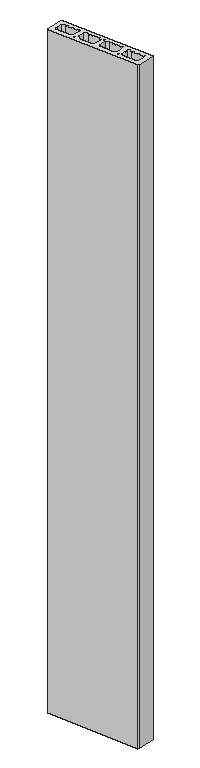
Revit family "ECP_MNFK-6230S3", category Generic Models, Revit 2022
Family settings
  Can host rebar = No
  Round Connector Dimension = Use Diameter
  Part Type = Normal
  Work Plane-Based = No
  Always vertical = Yes
  Cut with Voids When Loaded = Yes
  Maintain Annotation Orientation = No
  Shared = No
  Room Calculation Point = No
Parameters (values of type "ECP_MNFK-6230S3")
  長さ [instance] = 2000 mm
  穴表示 = yes
  材質 = 40Msr_ECP
  Default Elevation = 0 mm
  既存長さ = 310 mm
  幅 [instance] = 300 mm
  固定寸法 = 300 mm
  厚さ = 62 mm
  メースカット非表示 = yes
  メースカット [instance] = 既存長さ - 幅 - 10 mm  # 0 mm
  オースカット非表示 = no
  オースカット = 0 mm
Reference planes
  plane 1 "中心(正面/背面)": y = 0
  plane 2: z = 0
  plane 3 "中心(左/右)": x = 0
  plane 4: y = -31
  plane 5: y = 31
  plane 6: z = 2000
  plane 7: x = 300
Forms (mm)
  Extrusion 1, solid, material "40Msr_ECP" <- "材質", detail levels fine
    sketch origin (0, 0, 0) x (1, 0, 0) y (0, 1, 0)
      loop
        line (0, -28) -> (3, -31) -> (297, -31) -> (300, -28) -> (300, 28) -> (297, 31) -> (3, 31) -> (0, 28) -> (0, -28)
    from 0 to 2000
  Extrusion 2, void
    sketch origin (-50, 0, 0) x (1, 0, 0) y (0, 1, 0)
      loop
        line (350, -31) -> (360, -31) -> (360, 31) -> (350, 31) -> (350, -31)
    from 0 to 2000
  Extrusion 3, void
    sketch origin (-617, 0, 0) x (1, 0, 0) y (0, 1, 0)
      loop
        line (639, -17) -> (681, -17) -> (689, -9) -> (689, 9)
        arc (689, 9) -> (686.657, 14.657) -> (681, 17) r 8
        line (681, 17) -> (639, 17)
        arc (639, 17) -> (633.343, 14.657) -> (631, 9) r 8
        line (631, 9) -> (631, -9)
        arc (631, -9) -> (633.343, -14.657) -> (639, -17) r 8
      loop
        line (711, -17) -> (752, -17)
        arc (752, -17) -> (757.657, -14.657) -> (760, -9) r 8
        line (760, -9) -> (760, 9) -> (752, 17) -> (711, 17)
        arc (711, 17) -> (705.343, 14.657) -> (703, 9) r 8
        line (703, 9) -> (703, -9) -> (711, -17)
      loop
        line (782, -17) -> (823, -17) -> (831, -9) -> (831, 9)
        arc (831, 9) -> (828.657, 14.657) -> (823, 17) r 8
        line (823, 17) -> (782, 17)
        arc (782, 17) -> (776.343, 14.657) -> (774, 9) r 8
        line (774, 9) -> (774, -9)
        arc (774, -9) -> (776.343, -14.657) -> (782, -17) r 8
      loop
        line (853, -17) -> (895, -17)
        arc (895, -17) -> (900.657, -14.657) -> (903, -9) r 8
        line (903, -9) -> (903, 9)
        arc (903, 9) -> (900.657, 14.657) -> (895, 17) r 8
        line (895, 17) -> (853, 17)
        arc (853, 17) -> (847.343, 14.657) -> (845, 9) r 8
        line (845, 9) -> (845, -9) -> (853, -17)
      loop
        circle (696, -17) r 1.3
      loop
        circle (767, 17) r 1.3
      loop
        circle (838, -17) r 1.3
    from 0 to 2000
Cuts and joins
  Extrusion 2, Extrusion 3 cuts Extrusion 1
Lines and regions (mm)
  symbolic lines, style "ECPパネル", detail levels coarse+medium
    curve 1: line (0, 31, 0) -> (300, 31, 0)
    curve 2: line (0, -31, 0) -> (0, 31, 0)
    curve 3: line (300, -31, 0) -> (0, -31, 0)
    curve 4: line (300, 31, 0) -> (300, -31, 0)
    curve 5: line (0, 0, 0) -> (300, 0, 0)
    curve 6: line (0, 0, 2000) -> (0, 0, 0)
    curve 7: line (300, 0, 2000) -> (0, 0, 2000)
    curve 8: line (300, 0, 0) -> (300, 0, 2000)
    curve 9: line (0, -31, 2000) -> (0, 31, 2000)
    curve 10: line (0, -31, 0) -> (0, -31, 2000)
    curve 11: line (0, 31, 0) -> (0, -31, 0)
    curve 12: line (0, 31, 2000) -> (0, 31, 0)
  model lines, detail levels coarse+medium
    curve 13: line (0, 8, 0) -> (0, -8, 0)
Dimensions and locks
  "厚さ": plane 4 to plane 5
  "長さ": plane 6 to level
  equal spacing: plane 4, plane 1 "中心(正面/背面)", plane 5
  "既存長さ": plane 3 "中心(左/右)" to Extrusion 2
  "既存長さ": plane 3 "中心(左/右)" to Extrusion 2 sketch curve
  "長さ": cut or joined group of Extrusion 1, Extrusion 2, Extrusion 3 to level
  "長さ": Extrusion 2 to level
  "幅": cut or joined group of Extrusion 1, Extrusion 2, Extrusion 3 to curve 8
  "長さ": level to Extrusion 3
  "メースカット": Extrusion 2 sketch curve to cut or joined group of Extrusion 1, Extrusion 2, Extrusion 3
  "幅": plane 3 "中心(左/右)" to plane 7
  "固定寸法": plane 3 "中心(左/右)" to cut or joined group of Extrusion 1, Extrusion 2, Extrusion 3
  aligned and locked: level to plane 2
Automatic sketch dimensions
  curve 11 to level = 0 mm
  curve 11 to plane 4 = 0 mm
  curve 11 to plane 5 = 0 mm
  curve 10 to plane 6 = 0 mm
  curve 7 to plane 3 "中心(左/右)" = 0 mm
  curve 7 to plane 6 = 0 mm
  curve 8 to level = 0 mm
  plane 4 to Extrusion 2 sketch curve = 0 mm
  plane 5 to Extrusion 2 sketch curve = 0 mm
  Extrusion 1 sketch curve to plane 3 "中心(左/右)" = 0 mm
  plane 4 to Extrusion 1 sketch curve = 0 mm
  plane 3 "中心(左/右)" to Extrusion 1 sketch curve = 3 mm  (x2)
  Extrusion 1 sketch curve to plane 4 = 3 mm  (x2)
  plane 5 to Extrusion 1 sketch curve = 3 mm  (x2)
  plane 5 to Extrusion 1 sketch curve = 0 mm
  plane 3 "中心(左/右)" to Extrusion 3 sketch curve = 14 mm
  Extrusion 3 sketch curve to Extrusion 3 sketch curve = 8 mm  (x14)
  Extrusion 3 sketch curve to plane 4 = 14 mm  (x2)
  Extrusion 3 sketch curve to Extrusion 3 sketch curve = 42 mm  (x2)
  Extrusion 3 sketch curve to Extrusion 3 sketch curve = 0 mm  (x4)
  Extrusion 3 sketch curve to Extrusion 3 sketch curve = 7 mm  (x5)
  plane 1 "中心(正面/背面)" to Extrusion 3 sketch curve = 9 mm  (x6)
  plane 5 to Extrusion 3 sketch curve = 14 mm  (x2)
  Extrusion 3 sketch curve to Extrusion 3 sketch curve = 41 mm  (x2)
  Extrusion 3 sketch curve to Extrusion 3 sketch curve = 14 mm
  Extrusion 3 sketch curve to Extrusion 3 sketch curve = 26 mm
  Extrusion 3 sketch curve to plane 1 "中心(正面/背面)" = 9 mm  (x3)
  Extrusion 1 sketch curve to Extrusion 1 sketch curve = 294 mm
  Extrusion 1 sketch curve to Extrusion 1 sketch curve = 0 mm
  Extrusion 1 sketch curve to Extrusion 1 sketch curve = 3 mm
  curve 1 to plane 3 "中心(左/右)" = 0 mm
  curve 13 to plane 3 "中心(左/右)" = 0 mm
  plane 4 to curve 4 = 0 mm
  curve 4 to plane 7 = 0 mm
  plane 5 to curve 1 = 0 mm
  plane 1 "中心(正面/背面)" to curve 13 = 8 mm
  curve 13 to plane 1 "中心(正面/背面)" = 8 mm
  radius of Extrusion 3 sketch curve = 1.3 mm  (x3)
